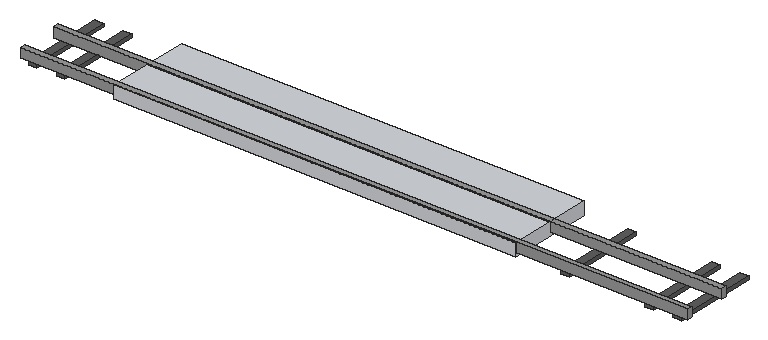
Revit family "1112-2, Veneer", category Generic Models, host Face, Revit 2020
Family settings
  Host = Face
  Can host rebar = No
  Round Connector Dimension = Use Diameter
  Part Type = Normal
  Cut with Voids When Loaded = No
  Shared = No
  Room Calculation Point = No
Parameters
  min_value [instance] = 1' - 11 1/4"  # constant formula
  max_value [instance] = 9' - 11 1/4"  # constant formula
  actual_value [instance] = if(NET LENGTH < min_value, min_value, if(NET LENGTH > max_value, max_value, NET LENGTH))  # 7' - 11 1/4"
  NET LENGTH [instance] = 7' - 11 1/4"
  Default Elevation = 4' - 0"
  BACKER MATERIAL [instance] = BLACK-BACKERS
  .. MEMBER WIDTH [instance] = 0' - 0 3/4"  # constant formula
  .. MEMBER MATERIAL [instance] = Veneer Cherry
  .. MEMBER LENGTH [instance] = actual_value  # 7' - 11 1/4"
  .. MEMBER DEPTH [instance] = 0' - 1 3/8"  # constant formula
  .. MEMBER COUNT [instance] = 2  # constant formula
  IMPORTANT NOTE!!!                                                                             *Backer layout is for visualization purposes only, final layout to be determined by 9Wood. [instance] = ""
Reference planes (in)
  plane 1 "Center (Front/Back)": y = 0
  plane 2: z = 1.82209
  plane 3 "Center (Left/Right)": x = 0
Forms (in)
  Extrusion 1, solid
    sketch origin (132, -33.80483, 0) x (1, 0, 0) y (0, 1, 0)
      loop
        line (-118.625, 33.80483) -> (-61.26146, 33.80483) -> (-61.26146, 45.86733) -> (-118.625, 45.86733) -> (-118.625, 33.80483)
    from 1.82209 to 0
Dimensions and locks (in)
  aligned and locked: Extrusion 1 to plane 2
  aligned and locked: plane 3 "Center (Left/Right)" to nested 1
Nested families (in)
  nested 1: "1100 SERIES CONFIG" at (0, 2, 0), .. MEMBER DEPTH <- ".. MEMBER DEPTH", .. MEMBER LENGTH <- ".. MEMBER LENGTH", .. MEMBER WIDTH <- ".. MEMBER WIDTH", .. MEMBER MATERIAL <- ".. MEMBER MATERIAL", BACKING M MATERIAL <- "BACKER MATERIAL", .. MEMBER COUNT <- ".. MEMBER COUNT", type "1100 SERIES CONFIG"
    with X 7' - 8", SCRIM OVERHANG 2 0' - 0 3/32", SCRIM OVERHANG 0' - 0 7/8", SCRIM LENGTH 8' - 1", SCRIM  MATERIAL SCRIM, SCRIM no, NOMINAL LENGTH 7, N 8, Inset 6' - 0 3/8", INSET 0' - 1", INDEX 0' - 5 5/8", HALF MEMBER WIDTH 0' - 0 3/8", HALF LENGTH 3' - 11 5/8", END BACKER yes, BACKING M WIDTH 0' - 1 1/4", BACKING M OC SPACING 1' - 0", BACKING M MATERIAL BLACK-BACKERS, BACKING M LENGTH 0' - 11 7/8", BACKING M DEPTH 0' - 0 1/2", BACKING M COUNT 8, 3/16" INSET 0' - 0 3/16", .. MEMBER WIDTH 0' - 0 3/4", .. MEMBER OC SPACING 0' - 6", .. MEMBER MATERIAL Veneer Cherry, .. MEMBER LENGTH 7' - 11 1/4", .. MEMBER DEPTH 0' - 1 3/8", .. MEMBER COUNT 2
Definition of nested family "1100 SERIES CONFIG"
  Parameters (values of type "1100 SERIES CONFIG")
    X [instance] = .. MEMBER LENGTH - 0' 3 1/4"  # 5' - 5"
    SCRIM OVERHANG 2 [instance] = 0' - 0 3/32"  # constant formula
    SCRIM OVERHANG [instance] = 0' - 0 7/8"  # constant formula
    SCRIM LENGTH [instance] = .. MEMBER LENGTH + (SCRIM OVERHANG * 2)  # 5' - 10"
    SCRIM  MATERIAL [instance] = none
    SCRIM [instance] = yes
    NOMINAL LENGTH [instance] = 7
    N [instance] = if((X - (rounddown(X / 1' 0") * 1' 0")) > 1' 0", rounddown(X / 1' 0") + 2, rounddown(X / 1' 0") + 1)  # 6
    Inset [instance] = 6' - 0 3/8"  # constant formula
    INSET [instance] = 0' - 1"  # constant formula
    END BACKER [instance] = INDEX > 0' 3 5/8"  # yes
    INDEX [instance] = (.. MEMBER LENGTH - ((N - 1) * 1' 0")) / 2  # 0' - 4 1/8"
    HALF MEMBER WIDTH [instance] = .. MEMBER WIDTH / 2  # 0' - 0 5/16"
    HALF LENGTH [instance] = .. MEMBER LENGTH / 2  # 2' - 10 1/8"
    Default Elevation = 0' - 0"
    BACKING M WIDTH [instance] = 0' - 1 1/4"
    BACKING M SPACING = 3' - 3"
    BACKING M MATERIAL [instance] = none
    BACKING M LENGTH [instance] = 0' - 11 7/8"
    BACKING M DEPTH [instance] = 0' - 0 1/2"
    BACKING M COUNT [instance] = N  # 6
    BACKING M OC SPACING [instance] = 1' - 0"  # constant formula
    3/16" INSET [instance] = 0' - 0 3/16"  # constant formula
    .. MEMBER WIDTH [instance] = 0' - 0 5/8"
    .. MEMBER OC SPACING [instance] = 1' 0" / .. MEMBER COUNT  # 0' - 4"
    .. MEMBER MATERIAL [instance] = none
    .. MEMBER LENGTH [instance] = 5' - 8 1/4"
    .. MEMBER DEPTH [instance] = 0' - 1 3/8"
    .. MEMBER COUNT [instance] = 3
  Reference planes (in)
    plane 1 "Center (Front/Back)": y = -2
    plane 2: z = 0
    plane 3 "Center (Left/Right)": x = 0
    plane 4: x = 1
    plane 5: x = 4.125
    plane 6: x = 34.125
    plane 7: x = 68.25
    plane 8: x = 67.25
    plane 9: x = 16.125
    plane 10: y = -1.8125
    plane 11: y = -1.6875
    plane 12: y = 2.3125
    plane 13: x = 69.125
    plane 14: x = -0.875
    plane 15: z = 0.5
    plane 16: z = 0.5625
    plane 17: y = 10.0625
    plane 18: y = 10.15625
    plane 19: y = -2.09375
  Dimensions and locks (in)
    "INSET": plane 3 "Center (Left/Right)" to plane 4
    "INDEX": plane 3 "Center (Left/Right)" to plane 5
    "HALF LENGTH": plane 3 "Center (Left/Right)" to plane 6
    ".. MEMBER LENGTH": plane 3 "Center (Left/Right)" to plane 7
    "INSET": plane 8 to plane 7
    equal spacing: group 2, group 3, group 6, group 7, group 8, group 9  (x3)
    "3/16" INSET": plane 1 "Center (Front/Back)" to plane 10
    ".. MEMBER OC SPACING": plane 12 to plane 11
    "SCRIM OVERHANG": plane 14 to plane 3 "Center (Left/Right)"
    "SCRIM OVERHANG": plane 7 to plane 13
    equal spacing: group 1, group 4, group 5  (x2)
    equal spacing: group 5, group 4, group 1
    "HALF MEMBER WIDTH": plane 1 "Center (Front/Back)" to plane 11
    "BACKING M OC SPACING": plane 5 to plane 9
    "SCRIM OVERHANG 2": plane 18 to plane 17
    "SCRIM OVERHANG 2": plane 19 to plane 1 "Center (Front/Back)"
    aligned and locked: level to plane 2
    aligned and locked: plane 6 to nested 1
    aligned and locked: nested 2 to plane 4
    aligned and locked: plane 5 to nested 3
    aligned and locked: plane 1 "Center (Front/Back)" to nested 1
    aligned and locked: nested 2 to plane 10
    aligned and locked: nested 3 to plane 10
    aligned and locked: nested 5 to plane 10
    aligned and locked: nested 4 to plane 10
    aligned and locked: nested 6 to plane 14
    aligned and locked: plane 12 to nested 7
    aligned and locked: nested 7 to plane 3 "Center (Left/Right)"
    aligned and locked: plane 9 to nested 5
    aligned and locked: plane 8 to nested 4
    aligned and locked: plane 15 to nested 2
    aligned and locked: nested 6 to plane 15
    aligned and locked: nested 1 to plane 16
    aligned and locked: nested 7 to plane 16
    aligned and locked: nested 6 to plane 19
  Nested families (in)
    nested 1: "INSTANCE - Parametric Cube" at (34.125, -1.6875, 1.9375), Length <- ".. MEMBER WIDTH", Height <- ".. MEMBER DEPTH", Width <- ".. MEMBER LENGTH", Material <- ".. MEMBER MATERIAL", type "INSTANCE - Parametric Cube"
      with Width 5' - 8 1/4", Material none, Length 0' - 0 5/8", Height 0' - 1 3/8"
    nested 2: "2ND INSTANCE - Parametric Cube" at (1.625, 4.125, 0), Height <- "BACKING M DEPTH", Length <- "BACKING M LENGTH", Width <- "BACKING M WIDTH", Material <- "BACKING M MATERIAL", visible <- "END BACKER", type "2ND INSTANCE - Parametric Cube"
      with Width 0' - 1 1/4", Material none, Length 0' - 11 7/8", Height 0' - 0 1/2"
    nested 3: "2ND INSTANCE - Parametric Cube" at (4.125, 4.125, 0), Length <- "BACKING M LENGTH", Height <- "BACKING M DEPTH", Width <- "BACKING M WIDTH", Material <- "BACKING M MATERIAL", type "2ND INSTANCE - Parametric Cube"
      with Width 0' - 1 1/4", Material none, Length 0' - 11 7/8", Height 0' - 0 1/2"
    nested 4: "2ND INSTANCE - Parametric Cube" at (66.625, 4.125, 0), Width <- "BACKING M WIDTH", Length <- "BACKING M LENGTH", Height <- "BACKING M DEPTH", Material <- "BACKING M MATERIAL", visible <- "END BACKER", type "2ND INSTANCE - Parametric Cube"
      with Width 0' - 1 1/4", Material none, Length 0' - 11 7/8", Height 0' - 0 1/2"
    nested 5: "2ND INSTANCE - Parametric Cube" at (16.125, 4.125, 0), Length <- "BACKING M LENGTH", Height <- "BACKING M DEPTH", Width <- "BACKING M WIDTH", Material <- "BACKING M MATERIAL", type "2ND INSTANCE - Parametric Cube"
      with Width 0' - 1 1/4", Material none, Length 0' - 11 7/8", Height 0' - 0 1/2"
    nested 6: "3RD INSTANCE - Parametric Cube" at (34.125, 4.0445, 0.5), Width <- "SCRIM LENGTH", Material <- "SCRIM  MATERIAL", visible <- "SCRIM", type "3RD INSTANCE - Parametric Cube"
      with Width 5' - 10", Material none, Length 1' - 0.27649", Height 0' - 0 1/16"
    nested 7: "INSTANCE - Parametric Cube" at (34.125, 2.3125, 1.9375), Length <- ".. MEMBER WIDTH", Height <- ".. MEMBER DEPTH", Width <- ".. MEMBER LENGTH", Material <- ".. MEMBER MATERIAL", type "INSTANCE - Parametric Cube"
      with Width 5' - 8 1/4", Material none, Length 0' - 0 5/8", Height 0' - 1 3/8"
    nested 8: "INSTANCE - Parametric Cube" at (34.125, 6.3125, 1.9375), Length <- ".. MEMBER WIDTH", Height <- ".. MEMBER DEPTH", Width <- ".. MEMBER LENGTH", Material <- ".. MEMBER MATERIAL", type "INSTANCE - Parametric Cube"
      with Width 5' - 8 1/4", Material none, Length 0' - 0 5/8", Height 0' - 1 3/8"
    nested 9: "2ND INSTANCE - Parametric Cube" at (28.125, 4.125, 0), Length <- "BACKING M LENGTH", Height <- "BACKING M DEPTH", Width <- "BACKING M WIDTH", Material <- "BACKING M MATERIAL", type "2ND INSTANCE - Parametric Cube"
      with Width 0' - 1 1/4", Material none, Length 0' - 11 7/8", Height 0' - 0 1/2"
    nested 10: "2ND INSTANCE - Parametric Cube" at (40.125, 4.125, 0), Length <- "BACKING M LENGTH", Height <- "BACKING M DEPTH", Width <- "BACKING M WIDTH", Material <- "BACKING M MATERIAL", type "2ND INSTANCE - Parametric Cube"
      with Width 0' - 1 1/4", Material none, Length 0' - 11 7/8", Height 0' - 0 1/2"
    nested 11: "2ND INSTANCE - Parametric Cube" at (52.125, 4.125, 0), Length <- "BACKING M LENGTH", Height <- "BACKING M DEPTH", Width <- "BACKING M WIDTH", Material <- "BACKING M MATERIAL", type "2ND INSTANCE - Parametric Cube"
      with Width 0' - 1 1/4", Material none, Length 0' - 11 7/8", Height 0' - 0 1/2"
    nested 12: "2ND INSTANCE - Parametric Cube" at (64.125, 4.125, 0), Length <- "BACKING M LENGTH", Height <- "BACKING M DEPTH", Width <- "BACKING M WIDTH", Material <- "BACKING M MATERIAL", type "2ND INSTANCE - Parametric Cube"
      with Width 0' - 1 1/4", Material none, Length 0' - 11 7/8", Height 0' - 0 1/2"
  Definition of nested family "INSTANCE - Parametric Cube"
    Parameters (values of type "INSTANCE - Parametric Cube")
      Width [instance] = 0' - 6"
      Material [instance] = none
      Length [instance] = 1' - 0"
      Height [instance] = 1' - 6"
      Default Elevation = 0' - 0"
    Reference planes (in)
      plane 1 "Center (Front/Back)": y = 0
      plane 2: z = 0
      plane 3 "Center (Left/Right)": x = 0
      plane 4: x = -3
      plane 5: x = 3
      plane 6: y = 6
      plane 7: y = -6
      plane 8: z = -18
    Forms (in)
      Extrusion 1, solid, material <- "Material"
        sketch origin (0, 0, 0) x (1, 0, 0) y (0, 1, 0)
          loop
            line (-3, 6) -> (-3, -6) -> (3, -6) -> (3, 6) -> (-3, 6)
        from -18 to 0
    Dimensions and locks (in)
      equal spacing: plane 4, plane 3 "Center (Left/Right)", plane 5
      equal spacing: plane 6, plane 1 "Center (Front/Back)", plane 7
      "Length": plane 6 to plane 7
      "Width": plane 4 to plane 5
      "Height": plane 8 to level
      aligned and locked: plane 2 to level
      aligned and locked: Extrusion 1 sketch curve to plane 6
      aligned and locked: plane 4 to Extrusion 1 sketch curve
      aligned and locked: plane 7 to Extrusion 1 sketch curve
      aligned and locked: Extrusion 1 sketch curve to plane 5
      aligned and locked: Extrusion 1 to plane 8
  Definition of nested family "2ND INSTANCE - Parametric Cube"
    Parameters (values of type "2ND INSTANCE - Parametric Cube")
      Width [instance] = 0' - 6"
      Material [instance] = none
      Length [instance] = 1' - 0"
      Height [instance] = 1' - 6"
      Default Elevation = 0' - 0"
    Reference planes (in)
      plane 1 "Center (Front/Back)": y = 0
      plane 2: z = 0
      plane 3 "Center (Left/Right)": x = 0
      plane 4: x = -3
      plane 5: x = 3
      plane 6: y = 6
      plane 7: y = -6
      plane 8: z = 18
    Forms (in)
      Extrusion 1, solid, material <- "Material"
        sketch origin (0, 0, 0) x (1, 0, 0) y (0, 1, 0)
          loop
            line (-3, 6) -> (-3, -6) -> (3, -6) -> (3, 6) -> (-3, 6)
        from 0 to 18
    Dimensions and locks (in)
      equal spacing: plane 4, plane 3 "Center (Left/Right)", plane 5
      equal spacing: plane 6, plane 1 "Center (Front/Back)", plane 7
      "Length": plane 6 to plane 7
      "Width": plane 4 to plane 5
      "Height": level to plane 8
      aligned and locked: plane 2 to level
      aligned and locked: Extrusion 1 sketch curve to plane 6
      aligned and locked: plane 4 to Extrusion 1 sketch curve
      aligned and locked: plane 7 to Extrusion 1 sketch curve
      aligned and locked: Extrusion 1 sketch curve to plane 5
      aligned and locked: plane 8 to Extrusion 1
      aligned and locked: Extrusion 1 to level
  Definition of nested family "3RD INSTANCE - Parametric Cube"
    Parameters (values of type "3RD INSTANCE - Parametric Cube")
      Width [instance] = 0' - 6"
      Material [instance] = none
      Length [instance] = 1' - 0"
      Height [instance] = 1' - 6"
      Default Elevation = 0' - 0"
    Reference planes (in)
      plane 1 "Center (Front/Back)": y = 0
      plane 2: z = 0
      plane 3 "Center (Left/Right)": x = 0
      plane 4: x = -3
      plane 5: x = 3
      plane 6: y = 6
      plane 7: y = -6
      plane 8: z = 18
    Forms (in)
      Extrusion 1, solid, material <- "Material"
        sketch origin (0, 0, 0) x (1, 0, 0) y (0, 1, 0)
          loop
            line (-3, 6) -> (-3, -6) -> (3, -6) -> (3, 6) -> (-3, 6)
        from 0 to 18
    Dimensions and locks (in)
      equal spacing: plane 4, plane 3 "Center (Left/Right)", plane 5
      equal spacing: plane 6, plane 1 "Center (Front/Back)", plane 7
      "Length": plane 6 to plane 7
      "Width": plane 4 to plane 5
      "Height": level to plane 8
      aligned and locked: plane 2 to level
      aligned and locked: Extrusion 1 sketch curve to plane 6
      aligned and locked: plane 4 to Extrusion 1 sketch curve
      aligned and locked: plane 7 to Extrusion 1 sketch curve
      aligned and locked: Extrusion 1 sketch curve to plane 5
      aligned and locked: plane 8 to Extrusion 1
      aligned and locked: Extrusion 1 to level
